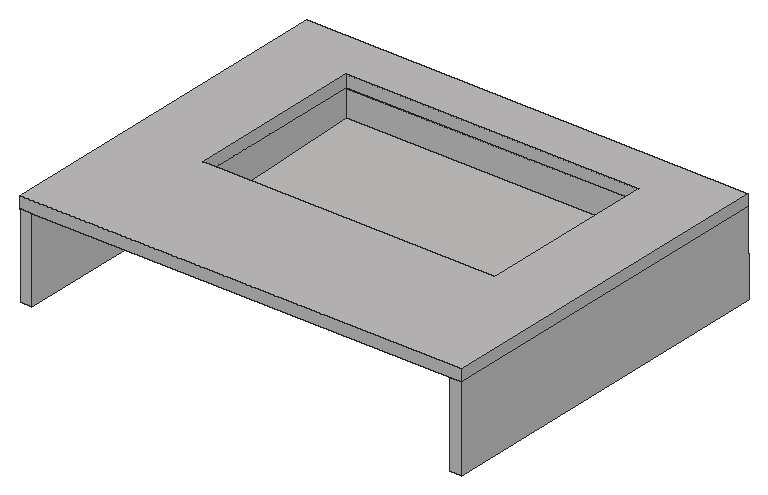
Revit family "Sanitary_Basins_Cosentino_Silence", category Plumbing Fixtures, host Wall, Revit 2020
Family settings
  Host = Wall
  Round Connector Dimension = Use Diameter
  Part Type = Normal
  Always vertical = Yes
  Cut with Voids When Loaded = No
  Shared = No
  Room Calculation Point = No
Parameters (values of type "Basin 490mm")
  Ι_Wdth Cntrl [instance] = if(Width < 450 mm, 450 mm, if(Width > 600 mm, 600 mm, Width))  # 600 mm
  Ι_Vd Dstnc [instance] = if(Tap Hole, 20 mm, 40 mm)  # 40 mm
  Ι_Typ Ntgr = 1
  Ι_Lngth Cntrl [instance] = if(and(Ι_Typ Ntgr = 1, Length < 740 mm, Standard Edge), 740 mm, if(and(Ι_Typ Ntgr = 1, Length < 700 mm), 700 mm, if(and(Ι_Typ Ntgr = 2, Length < 1140 mm, Standard Edge), 1140 mm, if(and(Ι_Typ Ntgr = 2, Length < 1100 mm), 1100 mm, if(and(Ι_Typ Ntgr = 3, Length < 1240 mm, Standard Edge), 1240 mm, if(and(Ι_Typ Ntgr = 3, Length < 1200 mm), 1200 mm, if(and(Ι_Typ Ntgr = 4, Length < 1440 mm, Standard Edge), 1440 mm, if(and(Ι_Typ Ntgr = 4, Length < 1400 mm), 1400 mm, if(Length > 3000 mm, 3000 mm, Length)))))))))  # 740 mm
  Ι_Hght Cntrl [instance] = if(and(Standard Edge, Edge Height < 125 mm), 125 mm, if(and(Standard Edge, Edge Height > 160 mm), 160 mm, Edge Height))  # 160 mm
  Ι_Ffst 2 [instance] = if(Front Offset < 50 mm, 50 mm, 80 mm)  # 80 mm
  Ι_Ffst [instance] = if((Side Offset < Ι_SO_mn), Ι_SO_mn, if(and((Side Offset > Ι_SO_mx), (Ι_Lngth Cntrl - Side Offset) > (Ι_Dstnc + Ι_SO_mn)), Ι_SO_mx, if(and((Side Offset > Ι_SO_mx), Side Offset > (Ι_Lngth Cntrl - Ι_Dstnc - Ι_SO_mn)), Ι_Lngth Cntrl - Ι_Dstnc - Ι_SO_mn, if(and((Ι_Lngth Cntrl - Ι_SO_mn - Ι_Dstnc) > Ι_SO_mx, Side Offset > Ι_SO_mx), Ι_SO_mx, if(and((Ι_Lngth Cntrl - Ι_SO_mx - Ι_Dstnc) > Ι_SO_mn, Side Offset > Ι_SO_mn), Ι_SO_mn, if((Ι_Lngth Cntrl - Side Offset) < (Ι_Dstnc + 2 * Ι_SO_mn), Ι_SO_mn, Side Offset))))))  # 120 mm
  Ι_Dstnc = if(Ι_Typ Ntgr = 1, 490 mm, if(Ι_Typ Ntgr = 2, 900 mm, if(Ι_Typ Ntgr = 3, 1000 mm, 1200 mm)))  # 490 mm
  Width [instance] = 600 mm
  Vent Connection = no
  URL = "www.cosentino.com"
  Tap Hole [instance] = no
  Standard Edge [instance] = yes
  Side Offset [instance] = 550 mm
  Ι_SO_mn [instance] = if(Standard Edge, 120 mm, 100 mm)  # 120 mm
  Ι_SO_mx [instance] = if(and(Ι_Typ Ntgr = 1, Standard Edge), 2380 mm, if(and(not(Standard Edge), Ι_Typ Ntgr = 1), 2400 mm, if(and(Ι_Typ Ntgr = 2, Standard Edge), 1980 mm, if(and(not(Standard Edge), Ι_Typ Ntgr = 2), 2200 mm, if(and(Ι_Typ Ntgr = 3, Standard Edge), 1880 mm, if(and(not(Standard Edge), Ι_Typ Ntgr = 3), 1920 mm, if(and(Ι_Typ Ntgr = 4, Standard Edge), 1680 mm, 1720 mm)))))))  # 2380 mm
  Product data url = "https://www.bimobject.com/cosentino/product/cosentino-silence"
  Product Material = Natural Stone - Cosentino - Silestone - Iconic White - Polished N-Boost
  Product Guid = "6f6da7a4-6b3c-4f25-be34-804b98bc9320"
  Model = "Silence"
  Manufacturer = "Cosentino"
  Length [instance] = 740 mm
  Keynote = "10800"
  Height [instance] = if(Standard Edge, Ι_Hght Cntrl, 120 mm)  # 160 mm
  HW Connection = no
  Front Offset [instance] = 80 mm
  Edition number = 1
  Edge Height [instance] = 160 mm
  Description = "The basin is one of the stars of your bathroom. Cosentino offers unique designs which fit smoothly into your room, your style, and the needs of your family.\r\n\r\nWhether it’s for a master bathroom or a downstairs WC, we have the perfect product to transform your bathroom into a warm, welcoming space."
  Default Elevation = 0 mm
  CW Connection = no
  Assembly Code = "D2010400"
Reference planes
  plane 1 "Wall": y = 0
  plane 2 "Center (Left/Right)": x = 125
  plane 3 "Back": y = 75
  plane 4: x = -245
  plane 5: x = 495
  plane 6 "Front": y = 675
  plane 7: x = -225
  plane 8: x = 475
  plane 9 "Top": z = 900
  plane 10: x = -115
  plane 11: x = 130
  plane 12: x = 375
  plane 13: y = 595
  plane 14: y = 655
  plane 15: y = 295
  plane 16: y = 316.333
  plane 17: z = 880
  plane 18: z = 800
  plane 19 "Sink bottom": z = 780
  plane 20 "Void": z = 860
  plane 21 "Bottom": z = 740
  plane 22 "Connector": z = 754.327
Forms (mm)
  Extrusion 1, solid, material "Natural Stone - Cosentino - Silestone - Iconic White - Polished N-Boost" <- "Product Material", detail levels medium+fine
    sketch origin (0, 0, 900) x (1, 0, 0) y (0, 1, 0)
      loop
        line (-245, 675) -> (-245, 75) -> (495, 75) -> (495, 675) -> (-245, 675)
      loop
        line (-115, 295) -> (375, 295) -> (375, 595) -> (-115, 595) -> (-115, 295)
    from 0 to -20
  Extrusion 2, void
    sketch origin (0, 0, 900) x (1, 0, 0) y (0, 1, 0)
      loop
        circle (130, 185) r 15.875
    from -40 to -20
  Extrusion 3, solid, material "Natural Stone - Cosentino - Silestone - Iconic White - Polished N-Boost" <- "Product Material", visible <- "Standard Edge", detail levels medium+fine
    sketch origin (0, 0, 900) x (1, 0, 0) y (0, 1, 0)
      loop
        line (-245, 675) -> (-245, 75) -> (-225, 75) -> (-225, 655) -> (475, 655) -> (475, 75) -> (495, 75) -> (495, 675) -> (-245, 675)
    from -20 to -160
  Extrusion 4, solid, not visible
    sketch origin (0, 0, 754.327) x (1, 0, 0) y (0, 1, 0)
      loop
        circle (130, 316.333) r 1
    from 0 to 1
  Extrusion 5, solid, material "Natural Stone - Cosentino - Silestone - Iconic White - Polished N-Boost" <- "Product Material", detail levels fine
    sketch origin (2359.306, 225, 780) x (1, 0, 0) y (0, 1, 0)
      loop
        line (-2494.306, 390) -> (-2494.306, 50) -> (-1964.306, 50) -> (-1964.306, 390) -> (-2494.306, 390)
      loop
        line (-1984.306, 70) -> (-1984.306, 370) -> (-2474.306, 370) -> (-2474.306, 70) -> (-1984.306, 70)
    from 20 to 100
  Extrusion 6, solid, material "Natural Stone - Cosentino - Silestone - Iconic White - Polished N-Boost" <- "Product Material", detail levels fine
    sketch origin (125, 0, 0) x (0, 1, 0) y (0, 0, 1)
      loop
        line (300, 804.989) -> (595, 814.989) -> (595, 835) -> (300, 825) -> (300, 804.989)
    from -240 to 250
  Extrusion 7, solid, material "Natural Stone - Cosentino - Silestone - Iconic White - Polished N-Boost" <- "Product Material", detail levels coarse
    sketch origin (2359.306, 225, 780) x (1, 0, 0) y (0, 1, 0)
      loop
        line (-2604.306, 450) -> (-2604.306, -150) -> (-1864.306, -150) -> (-1864.306, 450) -> (-2604.306, 450)
    from -40 to 120
  Extrusion 8, solid, material "Natural Stone - Cosentino - Silestone - Iconic White - Polished N-Boost" <- "Product Material", detail levels medium
    sketch origin (2359.306, 225, 780) x (1, 0, 0) y (0, 1, 0)
      loop
        line (-2494.306, 390) -> (-2494.306, 50) -> (-1964.306, 50) -> (-1964.306, 390) -> (-2494.306, 390)
    from 0 to 20
  Extrusion 9, solid, material "Natural Stone - Cosentino - Silestone - Iconic White - Polished N-Boost" <- "Product Material", detail levels medium
    sketch origin (2359.306, 225, 800) x (1, 0, 0) y (0, 1, 0)
      loop
        line (-2494.306, 390) -> (-2494.306, 50) -> (-1964.306, 50) -> (-1964.306, 390) -> (-2494.306, 390)
      loop
        line (-1984.306, 70) -> (-1984.306, 370) -> (-2474.306, 370) -> (-2474.306, 70) -> (-1984.306, 70)
    from 0 to 80
  Extrusion 10, void
    sketch origin (2359.306, 225, 740) x (1, 0, 0) y (0, 1, 0)
      loop
        circle (-2229.306, 91.333) r 15.875
    from 0 to 40
  Sweep 11, solid, material "Metal - Cosentino - Stainless Steel", detail levels fine
    path origin (2359.306, 225, 800) x (1, 0, 0) y (0, 1, 0)
      loop
        line (-2474.306, 123.785) -> (-2474.306, 58.882) -> (-1984.306, 58.882) -> (-1984.306, 123.785) -> (-2474.306, 123.785)
    profile origin (130, 348.785, 800) x (0, 1, 0) y (0, 0, 1)
      loop
        line (0, -0.673) -> (0, -20.673) -> (1, -20.673) -> (1, -1.673) -> (10, -1.673) -> (10, -0.673) -> (0, -0.673)
  Extrusion 12, solid, material "Metal - Cosentino - Stainless Steel", detail levels fine
    sketch origin (2359.306, 225, 800) x (1, 0, 0) y (0, 1, 0)
      loop
        line (-2474.306, 123.785) -> (-2474.306, 58.882) -> (-1984.306, 58.882) -> (-1984.306, 123.785) -> (-2474.306, 123.785)
    from -20.673 to -19.673
  Extrusion 13, solid, material "Metal - Cosentino - Stainless Steel"
    sketch origin (2359.306, 225, 754.327) x (1, 0, 0) y (0, 1, 0)
      loop
        circle (-2229.306, 91.333) r 20
    from 0 to 25
Cuts and joins
  Extrusion 2 cuts Extrusion 1
  Extrusion 10 cuts Extrusion 7
  joined: Sweep 11, Extrusion 12
Text (mm)
  text "Placement Side" at (-1848.837, 1116.779, 0), in view "Ref. Level"
  text "Placement side" at (0, 1409.804, 2854.306), in view "Left"
  text "Placement side" at (0, 499.811, 2980.732), in view "Right"
Dimensions and locks
  locked: plane 3 "Back" to host wall
  "Ι_Wdth Cntrl": plane 3 "Back" to plane 6 "Front"
  locked: plane 4 to plane 7 at 20
  locked: plane 8 to plane 5 at 20
  "Ι_Lngth Cntrl": plane 4 to plane 5
  equal spacing: plane 10, plane 11, plane 12
  "Ι_Dstnc": plane 10 to plane 12
  "Ι_Ffst 2": plane 6 "Front" to plane 13
  locked: plane 6 "Front" to plane 14 at 20
  locked: plane 16 to plane 15 at 21.333
  locked: plane 13 to plane 15 at 300
  equal spacing: plane 3 "Back", Extrusion 2 sketch curve, plane 15
  locked: plane 17 to plane 9 "Top" at 20
  locked: plane 19 "Sink bottom" to plane 18 at 20
  plane 19 "Sink bottom" to plane 9 "Top" = 120 mm
  "Ι_Vd Dstnc": plane 20 "Void" to plane 9 "Top"
  locked: plane 20 "Void" to Extrusion 2 at 20
  "Ι_Hght Cntrl": plane 21 "Bottom" to plane 9 "Top"
  "Ι_Ffst": plane 12 to plane 5
  equal spacing: plane 4, plane 2 "Center (Left/Right)", plane 5
  locked: plane 15 to Extrusion 5 sketch curve at 20
  locked: Extrusion 5 sketch curve to plane 13 at 20
  locked: Extrusion 5 sketch curve to plane 10 at 20
  locked: plane 12 to Extrusion 5 sketch curve at 20
  locked: Extrusion 8 sketch curve to plane 13 at 20
  locked: plane 15 to Extrusion 8 sketch curve at 20
  locked: Extrusion 8 sketch curve to plane 10 at 20
  locked: plane 12 to Extrusion 8 sketch curve at 20
  locked: plane 12 to Extrusion 9 sketch curve at 20
  locked: Extrusion 9 sketch curve to plane 10 at 20
  locked: plane 15 to Extrusion 9 sketch curve at 20
  locked: Extrusion 9 sketch curve to plane 13 at 20
  plane 9 "Top" to Extrusion 6 sketch curve to Extrusion 6 sketch curve = 65 mm locked, 20.011 mm locked
  plane 9 "Top" to Extrusion 6 sketch curve to Extrusion 6 sketch curve = 75 mm locked, 20.011 mm locked
  locked: Extrusion 6 sketch curve to Extrusion 6 sketch curve at 20
  locked: Extrusion 6 sketch curve to plane 15 at 5
  Sweep 11 sketch curve to plane 15 to Sweep 11 sketch curve = 53.785 mm, 11.118 mm
  Extrusion 12 sketch curve to plane 15 to Extrusion 12 sketch curve = 53.785 mm locked, 11.118 mm locked
  Extrusion 12 to plane 19 "Sink bottom" to Sweep 11 = 0.327 mm locked, 0.673 mm locked
  locked: plane 22 "Connector" to plane 9 "Top" at 145.673
  locked: Extrusion 13 to plane 22 "Connector" at 25
  plane 4 to plane 10 = 130 mm
  aligned and locked: plane 1 "Wall" to host wall
  aligned and locked: Extrusion 1 sketch curve to plane 3 "Back"
  aligned and locked: Extrusion 1 sketch curve to plane 6 "Front"
  aligned and locked: plane 5 to Extrusion 1 sketch curve
  aligned and locked: plane 4 to Extrusion 1 sketch curve
  aligned and locked: Extrusion 1 sketch curve to plane 15
  aligned and locked: Extrusion 1 sketch curve to plane 10
  aligned and locked: plane 13 to Extrusion 1 sketch curve
  aligned and locked: plane 12 to Extrusion 1 sketch curve
  aligned and locked: plane 11 to Extrusion 2 sketch curve
  aligned and locked: Extrusion 1 to plane 17
  aligned and locked: Extrusion 2 to plane 20 "Void"
  aligned and locked: plane 6 "Front" to Extrusion 3 sketch curve
  aligned and locked: Extrusion 3 sketch curve to plane 4
  aligned and locked: plane 7 to Extrusion 3 sketch curve
  aligned and locked: Extrusion 3 sketch curve to plane 14
  aligned and locked: Extrusion 3 sketch curve to plane 5
  aligned and locked: plane 8 to Extrusion 3 sketch curve
  aligned and locked: plane 3 "Back" to Extrusion 3 sketch curve  (x2)
  aligned and locked: plane 17 to Extrusion 3
  aligned and locked: Extrusion 3 to plane 21 "Bottom"
  aligned and locked: plane 11 to Extrusion 4 sketch curve
  aligned and locked: plane 16 to Extrusion 4 sketch curve
  aligned and locked: plane 10 to Extrusion 5 sketch curve
  aligned and locked: Extrusion 5 sketch curve to plane 13
  aligned and locked: Extrusion 5 sketch curve to plane 12
  aligned and locked: plane 15 to Extrusion 5 sketch curve
  aligned and locked: plane 17 to Extrusion 5
  aligned and locked: Extrusion 5 to plane 18
  aligned and locked: plane 5 to Extrusion 7 sketch curve
  aligned and locked: Extrusion 7 sketch curve to plane 3 "Back"
  aligned and locked: Extrusion 7 sketch curve to plane 6 "Front"
  aligned and locked: plane 4 to Extrusion 7 sketch curve
  aligned and locked: Extrusion 7 to plane 21 "Bottom"
  aligned and locked: plane 9 "Top" to Extrusion 7
  aligned and locked: plane 18 to Extrusion 8
  aligned and locked: plane 10 to Extrusion 9 sketch curve
  aligned and locked: Extrusion 9 sketch curve to plane 13
  aligned and locked: Extrusion 9 sketch curve to plane 12
  aligned and locked: plane 15 to Extrusion 9 sketch curve
  aligned and locked: plane 17 to Extrusion 9
  aligned and locked: plane 11 to Extrusion 10 sketch curve
  aligned and locked: plane 16 to Extrusion 10 sketch curve
  aligned and locked: plane 19 "Sink bottom" to Extrusion 10
  aligned and locked: plane 13 to Extrusion 6 sketch curve
  aligned and locked: plane 10 to Sweep 11 sketch curve
  aligned and locked: Sweep 11 sketch curve to plane 12
  aligned and locked: Extrusion 12 sketch curve to plane 12
  aligned and locked: plane 10 to Extrusion 12 sketch curve
  aligned and locked: plane 11 to Extrusion 13 sketch curve
  aligned and locked: plane 16 to Extrusion 13 sketch curve
  aligned and locked: Extrusion 6 to plane 10
  aligned and locked: plane 12 to Extrusion 6
Automatic sketch dimensions
  Sweep 11 sketch curve to profile plane = 0 mm
  Sweep 11 sketch curve to profile plane = 1 mm
  Sweep 11 sketch curve to plane 18 = 0.673 mm
  Sweep 11 sketch curve to Sweep 11 sketch curve = 9 mm
  Sweep 11 sketch curve to Sweep 11 sketch curve = 1 mm
  Sweep 11 sketch curve to Sweep 11 sketch curve = 19 mm
  radius of Extrusion 2 sketch curve = 15.875 mm
  radius of Extrusion 10 sketch curve = 15.875 mm
  radius of Extrusion 4 sketch curve = 1 mm
  radius of Extrusion 13 sketch curve = 20 mm
Connectors
  piping at (130, 316.333, 754.327), diameter 35
    settings: on Extrusion 4, index 1, connector inside diameter 609.6 mm, connector length 0 mm, flow factor 0, pipe flow 0.0 L/s, pressure drop 0.0 Pa, fitting loss kfactor 0, connector angle 0.00°, fixture units 0, engagement length 0 mm, angle of deflection 0.00°, flow configuration 3, flow direction 2, fitting loss method 0, system type 16, joint type 0, gender type 0, connector reference index -1, connector utility 0, adjustable connector no, is connector primary yes, connector description ""
